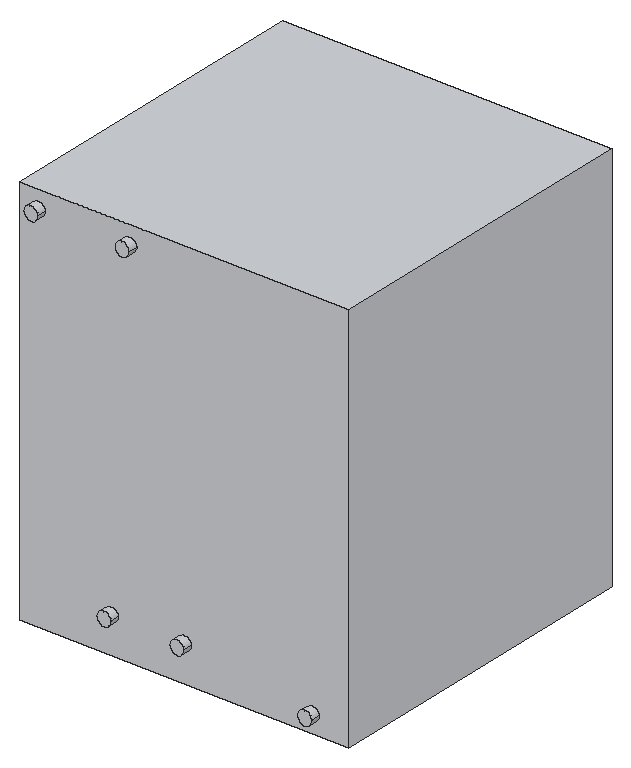
Revit family "dbe141a839ad4f4c807b0a25e0f7da84", category Mechanical Equipment, Revit 2021
Family settings
  Round Connector Dimension = Use Radius
  Part Type = Normal
  OmniClass Number = 23.75.35.14
  OmniClass Title = Air Handling Units
  Seek Item ID = Rooftop AHU Coil - Dual-0000-USA-ENU
  Work Plane-Based = No
  Always vertical = Yes
  Cut with Voids When Loaded = No
  Shared = No
  Room Calculation Point = No
Parameters (values of type "1500 CFM")
  Unit Width = Duct Width  # 3' - 0"
  Unit Length = 3' - 0"
  Unit Height = Duct Height  # 3' - 7"
  Pipe Radius = 3/4"
  Part Shape = "Rectangular Duct"
  Model = "Outdoor Size 03"
  Duct Width = 36"
  Duct Height = 43"
  Drain Flow [instance] = 0 GPM
  Default Elevation = 0' - 0"
  Air Flow [instance] = 1500 CFM
  Air Pressure [instance] = 1.76 in-wg
Types (10): name | Unit Width | Unit Height | Pipe Radius | Model | Duct Width | Duct Height | Air Flow
  10500 CFM | 6' - 10" | 5' - 6" | 1 1/4" | "Outdoor Size 21" | 82" | 66" | 10500 CFM
  12500 CFM | 7' - 5" | 5' - 6" | 1 1/4" | "Outdoor Size 25" | 89" | 66" | 12500 CFM
  1500 CFM | 3' - 0" | 3' - 7" | 3/4" | "Outdoor Size 03" | 36" | 43" | 1500 CFM
  15000 CFM | 8' - 11" | 5' - 6" | 1 1/4" | "Outdoor Size 30" | 107" | 66" | 15000 CFM
  3000 CFM | 4' - 1" | 3' - 7" | 3/4" | "Outdoor Size 06" | 49" | 43" | 3000 CFM
  4000 CFM | 4' - 9" | 3' - 10" | 1" | "Outdoor Size 08" | 57" | 46" | 4000 CFM
  5000 CFM | 5' - 10" | 3' - 10" | 1" | "Outdoor Size 10" | 70" | 46" | 5000 CFM
  6000 CFM | 5' - 10" | 4' - 5" | 1" | "Outdoor Size 12" | 70" | 53" | 6000 CFM
  7000 CFM | 6' - 3" | 4' - 5" | 1 1/4" | "Outdoor Size 14" | 75" | 53" | 7000 CFM
  8500 CFM | 6' - 10" | 4' - 8" | 1 1/4" | "Outdoor Size 17" | 82" | 56" | 8500 CFM
Reference planes (in)
  plane 1 "Center (Front/Back)": y = 0
  plane 2: z = 0
  plane 3 "Center (Left/Right)": x = 0
  plane 4: z = 43
  plane 5: x = -36
  plane 6: y = 36
  plane 7: x = -34
  plane 8: x = -24
  plane 9: z = 41
  plane 10: z = 4
  plane 11: x = -26
  plane 12: x = -18
  plane 13: z = 2
  plane 14: x = -4
  plane 15: y = -1
Forms (in)
  Extrusion 1, solid
    sketch origin (0, 0, 0) x (1, 0, 0) y (0, 1, 0)
      loop
        line (0, 36) -> (-36, 36) -> (-36, 0) -> (0, 0) -> (0, 36)
    from 0 to 43
  Extrusion 2, solid
    sketch origin (0, 0, 0) x (1, 0, 0) y (0, 0, 1)
      loop
        circle (-34, 41) r 0.75
    from 0 to 1
  Extrusion 3, solid
    sketch origin (0, 0, 0) x (1, 0, 0) y (0, 0, 1)
      loop
        circle (-24, 41) r 0.75
    from 0 to 1
  Extrusion 4, solid
    sketch origin (0, 0, 0) x (1, 0, 0) y (0, 0, 1)
      loop
        circle (-26, 4) r 0.75
    from 0 to 1
  Extrusion 5, solid
    sketch origin (0, 0, 0) x (1, 0, 0) y (0, 0, 1)
      loop
        circle (-18, 4) r 0.75
    from 0 to 1
  Extrusion 6, solid
    sketch origin (0, 0, 0) x (1, 0, 0) y (0, 0, 1)
      loop
        circle (-4, 2) r 0.75
    from 0 to 1
Dimensions and locks (in)
  "Unit Height": plane 4 to plane 2
  "Unit Width": plane 6 to plane 1 "Center (Front/Back)"
  "Unit Length": plane 5 to plane 3 "Center (Left/Right)"
  locked: plane 4 to plane 9 at 2
  locked: plane 7 to plane 5 at 2
  locked: plane 8 to plane 5 at 12
  locked: plane 10 to plane 2 at 4
  locked: plane 13 to plane 2 at 2
  locked: plane 11 to plane 5 at 10
  locked: plane 12 to plane 5 at 18
  locked: plane 3 "Center (Left/Right)" to plane 14 at 4
  locked: plane 1 "Center (Front/Back)" to plane 15 at 1
  "Pipe Radius": radius of Extrusion 2 sketch curve
  "Pipe Radius": radius of Extrusion 3 sketch curve
  "Pipe Radius": radius of Extrusion 4 sketch curve
  "Pipe Radius": radius of Extrusion 5 sketch curve
  "Pipe Radius": radius of Extrusion 6 sketch curve
  aligned and locked: plane 3 "Center (Left/Right)" to Extrusion 1 sketch curve
  aligned and locked: plane 1 "Center (Front/Back)" to Extrusion 1 sketch curve
  aligned and locked: plane 4 to Extrusion 1
  aligned and locked: Extrusion 1 to plane 2
  aligned and locked: plane 6 to Extrusion 1 sketch curve
  aligned and locked: Extrusion 1 sketch curve to plane 5
  aligned and locked: plane 7 to Extrusion 2 sketch curve
  aligned and locked: plane 9 to Extrusion 2 sketch curve
  aligned and locked: plane 9 to Extrusion 3 sketch curve
  aligned and locked: plane 8 to Extrusion 3 sketch curve
  aligned and locked: plane 10 to Extrusion 4 sketch curve
  aligned and locked: plane 11 to Extrusion 4 sketch curve
  aligned and locked: plane 10 to Extrusion 5 sketch curve
  aligned and locked: plane 12 to Extrusion 5 sketch curve
  aligned and locked: plane 13 to Extrusion 6 sketch curve
  aligned and locked: plane 14 to Extrusion 6 sketch curve
  aligned and locked: Extrusion 2 to plane 15
  aligned and locked: Extrusion 4 to plane 15
  aligned and locked: Extrusion 3 to plane 15
  aligned and locked: Extrusion 5 to plane 15
  aligned and locked: Extrusion 6 to plane 15
Connectors (in)
  hvac at (-36, 18, 21.5), driven by "Duct Height", driven by "Duct Width", driven by "Air Flow", driven by "Air Pressure"
    settings: on Extrusion 1, index 1, duct flow 1500 CFM, flow factor 0, pres drop 1.76 in-wg, loss coef 0, conn angle 0.00°, conn width 36", conn height 43", conn diameter 24", duct sys type 1, conn prof type 1, flow config 0, flow direction 0, loss method 4, conn ref index 2, conn util no, is conn primary yes, conn desc ""
  hvac at (0, 18, 21.5), driven by "Air Flow", driven by "Duct Height", driven by "Duct Width"
    settings: on Extrusion 1, index 2, duct flow 1500 CFM, flow factor 0, pres drop 0.00 in-wg, loss coef 0, conn angle 0.00°, conn width 36", conn height 43", conn diameter 24", duct sys type 1, conn prof type 1, flow config 0, flow direction 0, loss method 4, conn ref index 1, conn util no, is conn primary no, conn desc ""
  piping at (-34, -1, 41), diameter 1.5, driven by "Pipe Radius"
    settings: on Extrusion 2, index 3, connector inside diameter 1 1/2", connector length 0' - 0", flow factor 0, pipe flow 0 GPM, pressure drop 0.00 psi, fitting loss kfactor 0, connector angle 0.00°, fixture units 0, engagement length 0' - 0", angle of deflection 0.00°, flow configuration 1, flow direction 1, fitting loss method 0, system type 22, joint type 0, gender type 0, connector reference index 5, connector utility 0, adjustable connector no, is connector primary yes, connector description ""
  piping at (-24, -1, 41), diameter 1.5, driven by "Pipe Radius"
    settings: on Extrusion 3, index 4, connector inside diameter 1 1/2", connector length 0' - 0", flow factor 0, pipe flow 0 GPM, pressure drop 0.00 psi, fitting loss kfactor 0, connector angle 0.00°, fixture units 0, engagement length 0' - 0", angle of deflection 0.00°, flow configuration 1, flow direction 1, fitting loss method 0, system type 22, joint type 0, gender type 0, connector reference index 6, connector utility 0, adjustable connector no, is connector primary no, connector description ""
  piping at (-26, -1, 4), diameter 1.5, driven by "Pipe Radius"
    settings: on Extrusion 4, index 5, connector inside diameter 1 1/2", connector length 0' - 0", flow factor 0, pipe flow 0 GPM, pressure drop 0.00 psi, fitting loss kfactor 0, connector angle 0.00°, fixture units 0, engagement length 0' - 0", angle of deflection 0.00°, flow configuration 1, flow direction 2, fitting loss method 0, system type 22, joint type 0, gender type 0, connector reference index 3, connector utility 0, adjustable connector no, is connector primary no, connector description ""
  piping at (-18, -1, 4), diameter 1.5, driven by "Pipe Radius"
    settings: on Extrusion 5, index 6, connector inside diameter 1 1/2", connector length 0' - 0", flow factor 0, pipe flow 0 GPM, pressure drop 0.00 psi, fitting loss kfactor 0, connector angle 0.00°, fixture units 0, engagement length 0' - 0", angle of deflection 0.00°, flow configuration 1, flow direction 2, fitting loss method 0, system type 22, joint type 0, gender type 0, connector reference index 4, connector utility 0, adjustable connector no, is connector primary no, connector description ""
  piping at (-4, -1, 2), diameter 1.5, driven by "Drain Flow", driven by "Pipe Radius"
    settings: on Extrusion 6, index 7, connector inside diameter 1 1/2", connector length 0' - 0", flow factor 0, pipe flow 0 GPM, pressure drop 0.00 psi, fitting loss kfactor 0, connector angle 0.00°, fixture units 0, engagement length 0' - 0", angle of deflection 0.00°, flow configuration 1, flow direction 2, fitting loss method 0, system type 16, joint type 0, gender type 0, connector reference index -1, connector utility 0, adjustable connector yes, is connector primary no, connector description ""
